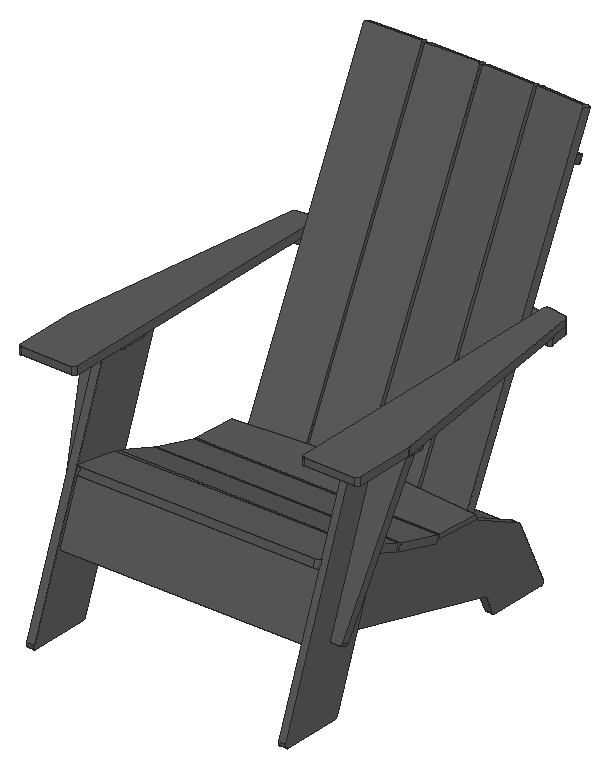
Revit family "Lollygagger Adirondack 4 Slat", category Furniture, Revit 2016 (continued)
Lines and regions (in)
  symbolic lines, style "Furniture", detail levels fine
    curve 10: line (-4.79074, 4.05641, 0) -> (-4.79074, 17.1805, 0)
    curve 11: line (-4.58775, 4.05605, 0) -> (-4.58775, 17.1805, 0)
    curve 12: line (-0.12678, 4.26892, 0) -> (-0.12678, 17.36775, 0)
    curve 13: line (0.12678, 4.26892, 0) -> (0.12678, 17.36685, 0)
    curve 14: line (4.58775, 4.05605, 0) -> (4.58775, 17.1805, 0)
    curve 15: line (4.79074, 4.05435, 0) -> (4.79074, 17.1805, 0)
    curve 16: line (0.32366, -0.4646, 0) -> (-0.32366, -0.4646, 0)
    curve 17: line (0.32366, -0.67857, 0) -> (-0.32366, -0.67857, 0)
    curve 18: line (0.32366, -4.77326, 0) -> (-0.32366, -4.77326, 0)
    curve 19: line (0.32366, -4.86034, 0) -> (-0.32366, -4.86034, 0)
    curve 20: line (0.32366, -8.88668, 0) -> (-0.32366, -8.88668, 0)
    curve 21: line (0.32366, -9.0007, 0) -> (-0.32366, -9.0007, 0)
    curve 22: line (-10.26116, -14.73754, 0) -> (-10.26116, -14.04886, 0)
    curve 23: line (10.26116, -14.73754, 0) -> (10.26116, -14.04886, 0)
  symbolic lines
    curve 24: line (9.27193, 0, 19.45312) -> (13.7073, 0, 19.45312)
    curve 25: line (-9.50334, 0, 19.45313) -> (-13.7073, 0, 19.45313)
    curve 26: line (10.23884, 0, 12.04562) -> (10.23884, 0, 0)
    curve 27: line (-10.26116, 0, 12.04562) -> (-10.26116, 0, 0)
  model lines
    curve 28: line (0, -12.81515, 6.06279) -> (0, -12.23166, 5.83881)
Dimensions and locks (in)
  "Length": plane 5 to plane 4
  "Width": plane 6 to plane 7
  equal spacing: plane 5, plane 3 "Center Left/Right", plane 4
  locked: plane 8 to plane 4 at 3.38616
  locked: plane 5 to plane 9 at 3.36384
  "Height Arm": plane 10 to level
  "Thick": plane 10 to plane 11
  "Thick": plane 9 to plane 12
  "Thick": plane 13 to plane 8
  locked: plane 14 to plane 7 at 3.32925
  "Thick": Extrusion 7 to plane 13
  "Thick": plane 11 to plane 15
  locked: Extrusion 17 sketch curve to plane 13 at 0.28275
  "Thick": plane 12 to Extrusion 6
  aligned and locked: level to plane 2
  aligned and locked: Extrusion 3 sketch curve to plane 12
  aligned and locked: plane 13 to Extrusion 3 sketch curve
  aligned and locked: Extrusion 4 sketch curve to plane 11  (x2)
  aligned and locked: level to Extrusion 4 sketch curve
  aligned and locked: Extrusion 5 to plane 8
  aligned and locked: plane 13 to Extrusion 5
  aligned and locked: Extrusion 7 to plane 13
  aligned and locked: plane 12 to Extrusion 8
  aligned and locked: plane 13 to Extrusion 8 sketch curve
  aligned and locked: plane 12 to Extrusion 9
  aligned and locked: plane 12 to Extrusion 10
  aligned and locked: plane 8 to Extrusion 12
  aligned and locked: Extrusion 13 sketch curve to plane 9
  aligned and locked: Extrusion 15 to Extrusion 6
  aligned and locked: Extrusion 32 to Extrusion 3
  aligned and locked: Extrusion 32 to Extrusion 14
  aligned and locked: Extrusion 33 to Extrusion 3
  aligned and locked: Extrusion 33 to Extrusion 6
  aligned and locked: Extrusion 34 to Extrusion 3
  aligned and locked: Extrusion 34 to Extrusion 7
  aligned and locked: Extrusion 35 to Extrusion 7
  aligned and locked: Extrusion 36 to Extrusion 6
  aligned and locked: Extrusion 36 to Extrusion 15
  aligned and locked: Extrusion 37 to Extrusion 15
  aligned and locked: Extrusion 37 sketch curve to Extrusion 14
  aligned and locked: Extrusion 38 to Extrusion 11
  aligned and locked: Extrusion 38 to Extrusion 6
  aligned and locked: Extrusion 39 to Extrusion 7  (x2)
  aligned and locked: Extrusion 39 to Extrusion 11
  aligned and locked: Extrusion 40 to Extrusion 10  (x2)
  aligned and locked: Extrusion 40 to Extrusion 7
  aligned and locked: Extrusion 41 to Extrusion 6
  aligned and locked: Extrusion 41 to Extrusion 10
  aligned and locked: Extrusion 43 to Extrusion 9
  aligned and locked: Extrusion 43 to Extrusion 6
  aligned and locked: Extrusion 44 to Extrusion 8
  aligned and locked: Extrusion 44 to Extrusion 6
  aligned and locked: Extrusion 45 to Extrusion 8
  aligned and locked: Extrusion 42 to Extrusion 9
  aligned and locked: Extrusion 45 to Extrusion 7
  aligned and locked: Masking region 3 sketch curve to Extrusion 3
  aligned and locked: Masking region 3 sketch curve to plane 12
  aligned and locked: Masking region 3 sketch curve to plane 7
  aligned and locked: Masking region 3 sketch curve to plane 9
  aligned and locked: Masking region 3 sketch curve to plane 14
  aligned and locked: Masking region 3 sketch curve to plane 5
  aligned and locked: curve 4 to plane 14
  aligned and locked: curve 1 to Extrusion 1
  aligned and locked: curve 5 to Extrusion 2
  aligned and locked: Masking region 3 to curve 10
  aligned and locked: plane 13 to Masking region 3
  aligned and locked: Masking region 3 to plane 8
  aligned and locked: Masking region 1 sketch curve to plane 10
  aligned and locked: Masking region 1 sketch curve to plane 5
  aligned and locked: Masking region 1 sketch curve to plane 11
  aligned and locked: Masking region 1 sketch curve to Extrusion 16
  aligned and locked: Masking region 1 sketch curve to plane 15
  aligned and locked: Masking region 1 sketch curve to Extrusion 13  (x2)
  aligned and locked: Masking region 1 sketch curve to plane 9
  aligned and locked: Masking region 1 sketch curve to plane 2
  aligned and locked: Masking region 1 sketch curve to Extrusion 6
  aligned and locked: Extrusion 15 to Masking region 1 sketch curve
  aligned and locked: Masking region 1 sketch curve to Extrusion 14
  aligned and locked: Masking region 1 to plane 8
  aligned and locked: Extrusion 17 to plane 15
  aligned and locked: plane 10 to Extrusion 2
  aligned and locked: Extrusion 16 to plane 15
  aligned and locked: plane 10 to Extrusion 1
  aligned and locked: Extrusion 31 to Masking region 1 sketch curve
  aligned and locked: Masking region 1 sketch curve to Extrusion 31  (x2)
  aligned and locked: plane 11 to Extrusion 31
  aligned and locked: Extrusion 20 to Masking region 1 sketch curve
  aligned and locked: Masking region 1 sketch curve to plane 13
  aligned and locked: curve 26 to Extrusion 7
  aligned and locked: Masking region 2 to plane 14
  aligned and locked: plane 10 to Masking region 2
  aligned and locked: Masking region 2 sketch curve to Extrusion 30  (x4)
  aligned and locked: plane 15 to Masking region 2 sketch curve
  aligned and locked: Masking region 2 sketch curve to Extrusion 23
  aligned and locked: Masking region 2 sketch curve to Extrusion 22
  aligned and locked: plane 2 to Masking region 2 sketch curve
  aligned and locked: Masking region 2 sketch curve to Extrusion 6
  aligned and locked: plane 2 to Masking region 4 sketch curve
  aligned and locked: plane 15 to curve 31
  aligned and locked: Masking region 4 sketch curve to Extrusion 31  (x3)
  aligned and locked: Extrusion 31 to Masking region 4 sketch curve
  aligned and locked: Extrusion 31 to plane 15
  aligned and locked: Extrusion 30 to Masking region 4 sketch curve
  aligned and locked: Masking region 4 sketch curve to Extrusion 27
  aligned and locked: Extrusion 26 to Masking region 2
  aligned and locked: plane 10 to Masking region 5 sketch curve
  aligned and locked: Masking region 5 sketch curve to Masking region 2
  aligned and locked: Extrusion 30 to Masking region 5 sketch curve
  aligned and locked: Extrusion 18 to Masking region 5 sketch curve
  aligned and locked: Extrusion 19 to Masking region 5 sketch curve
  aligned and locked: Extrusion 6 to Masking region 5 sketch curve  (x3)
  aligned and locked: Extrusion 8 to Masking region 5 sketch curve
  aligned and locked: Masking region 5 sketch curve to Extrusion 8
  aligned and locked: Masking region 5 sketch curve to Extrusion 6
  aligned and locked: Extrusion 4 to Masking region 5 sketch curve
  aligned and locked: Masking region 5 sketch curve to Extrusion 9  (x2)
  aligned and locked: Extrusion 9 to Masking region 5 sketch curve
  aligned and locked: plane 9 to Extrusion 4
  aligned and locked: Extrusion 4 to plane 12
  aligned and locked: plane 11 to Extrusion 17
  aligned and locked: plane 12 to Extrusion 6
  aligned and locked: Masking region 1 to Extrusion 36
  aligned and locked: plane 12 to curve 27
  aligned and locked: Extrusion 1 to plane 11
  aligned and locked: Extrusion 2 to plane 11
Automatic sketch dimensions
  Extrusion 4 sketch curve to Extrusion 4 sketch curve = 1/4"
  Extrusion 14 sketch curve to Extrusion 14 sketch curve = 0.96326"
  Extrusion 18 sketch curve to Extrusion 18 sketch curve = 1/8"  (x2)
  Extrusion 20 sketch curve to Extrusion 20 sketch curve = 1/8"  (x2)
  Extrusion 20 sketch curve to Extrusion 20 sketch curve = 4 3/16"
  Extrusion 20 sketch curve to Extrusion 20 sketch curve = 28 7/8"
  Extrusion 21 sketch curve to Extrusion 21 sketch curve = 1/16"
  Extrusion 21 sketch curve to Extrusion 21 sketch curve = 1/4"
  Extrusion 21 sketch curve to Extrusion 21 sketch curve = 28 9/16"
  Extrusion 21 sketch curve to Extrusion 21 sketch curve = 0"
  Extrusion 21 sketch curve to Extrusion 21 sketch curve = 1/8"
  Extrusion 21 sketch curve to Extrusion 21 sketch curve = 4 1/8"
  Extrusion 21 sketch curve to Extrusion 21 sketch curve = 4 3/16"
  Extrusion 22 sketch curve to Extrusion 22 sketch curve = 0.37401"
  Extrusion 22 sketch curve to Extrusion 22 sketch curve = 0.49944"
  Extrusion 23 sketch curve to Extrusion 23 sketch curve = 1/4"  (x2)
  Extrusion 23 sketch curve to Extrusion 23 sketch curve = 0.49834"
  Extrusion 24 sketch curve to Extrusion 24 sketch curve = 0.50099"
  Extrusion 24 sketch curve to Extrusion 24 sketch curve = 7/8"
  Extrusion 24 sketch curve to Extrusion 24 sketch curve = 0.37401"
  Extrusion 24 sketch curve to Extrusion 24 sketch curve = 1 3/8"  (x2)
  Extrusion 24 sketch curve to Extrusion 24 sketch curve = 1/4"
  Extrusion 24 sketch curve to Extrusion 24 sketch curve = 0.50056"
  Extrusion 24 sketch curve to Extrusion 24 sketch curve = 0.49944"
  Extrusion 25 sketch curve to Extrusion 25 sketch curve = 1/4"
  Extrusion 25 sketch curve to Extrusion 25 sketch curve = 7/8"  (x2)
  Extrusion 25 sketch curve to Extrusion 25 sketch curve = 0.49834"
  Extrusion 25 sketch curve to Extrusion 25 sketch curve = 0.50166"
  Extrusion 25 sketch curve to Extrusion 25 sketch curve = 5/8"
  Extrusion 25 sketch curve to Extrusion 25 sketch curve = 1 3/8"
  Extrusion 25 sketch curve to Extrusion 25 sketch curve = 0.3724"
  Extrusion 27 sketch curve to Extrusion 27 sketch curve = 0.01224"  (x2)
  Extrusion 27 sketch curve to Extrusion 27 sketch curve = 0.99086"
  Extrusion 27 sketch curve to Extrusion 27 sketch curve = 0.00891"
  Extrusion 27 sketch curve to Extrusion 27 sketch curve = 0.35331"
  Extrusion 27 sketch curve to Extrusion 27 sketch curve = 0.37507"
  Extrusion 28 sketch curve to Extrusion 28 sketch curve = 0.3019"
  Extrusion 28 sketch curve to Extrusion 28 sketch curve = 0.37302"
  Extrusion 28 sketch curve to Extrusion 28 sketch curve = 0.07112"
  Extrusion 28 sketch curve to Extrusion 28 sketch curve = 0.54611"  (x2)
  Extrusion 28 sketch curve to Extrusion 28 sketch curve = 0.03894"
  Extrusion 28 sketch curve to Extrusion 28 sketch curve = 0.02649"
  Extrusion 29 sketch curve to Extrusion 29 sketch curve = 0.01224"  (x2)
  Extrusion 29 sketch curve to Extrusion 29 sketch curve = 0.99086"
  Extrusion 29 sketch curve to Extrusion 29 sketch curve = 0.00891"
  Extrusion 29 sketch curve to Extrusion 29 sketch curve = 0.99976"
  Extrusion 29 sketch curve to Extrusion 29 sketch curve = 0.04352"
  Extrusion 29 sketch curve to Extrusion 29 sketch curve = 0.37507"
  level to Extrusion 35 sketch curve = 5.06694"
  Extrusion 35 sketch curve to Extrusion 35 sketch curve = 0.10082"
  Extrusion 35 sketch curve to Extrusion 35 sketch curve = 0.33755"
  Extrusion 35 sketch curve to Extrusion 35 sketch curve = 0.50557"  (x2)
  Extrusion 35 sketch curve to Extrusion 35 sketch curve = 0.43837"
  Extrusion 35 sketch curve to plane 1 "Center Front/Back" = 6.34701"
  Extrusion 35 sketch curve to Extrusion 35 sketch curve = 0.24658"
  Extrusion 35 sketch curve to Extrusion 35 sketch curve = 0.16312"
  level to Extrusion 36 sketch curve = 5.06694"
  Extrusion 36 sketch curve to Extrusion 36 sketch curve = 0.10082"
  Extrusion 36 sketch curve to Extrusion 36 sketch curve = 0.33755"
  Extrusion 36 sketch curve to Extrusion 36 sketch curve = 0.50557"  (x2)
  Extrusion 36 sketch curve to Extrusion 36 sketch curve = 0.43837"
  Extrusion 36 sketch curve to plane 1 "Center Front/Back" = 4.30284"
  Extrusion 36 sketch curve to Extrusion 36 sketch curve = 0.24658"
  Extrusion 36 sketch curve to Extrusion 36 sketch curve = 0.16312"
  plane 1 "Center Front/Back" to Extrusion 4 sketch curve = 4.66394"
  Extrusion 4 sketch curve to Extrusion 4 sketch curve = 0.08959"  (x2)
  Extrusion 4 sketch curve to Extrusion 4 sketch curve = 1.1376"
  Extrusion 4 sketch curve to Extrusion 4 sketch curve = 0.15661"
  Extrusion 4 sketch curve to Extrusion 4 sketch curve = 0.24273"  (x2)
  Extrusion 4 sketch curve to Extrusion 4 sketch curve = 0.04659"  (x2)
  Extrusion 4 sketch curve to Extrusion 4 sketch curve = 1.73179"
  Extrusion 4 sketch curve to Extrusion 4 sketch curve = 4 1/2"
  Extrusion 4 sketch curve to Extrusion 4 sketch curve = 1.48853"
  plane 9 to Extrusion 13 sketch curve = 0.76658"
  Extrusion 13 sketch curve to Extrusion 13 sketch curve = 0.24827"
  Extrusion 13 sketch curve to plane 5 = 0.75007"
  Extrusion 13 sketch curve to Extrusion 13 sketch curve = 0.26008"
  Extrusion 13 sketch curve to Extrusion 13 sketch curve = 13 1/2"
  Extrusion 13 sketch curve to Extrusion 13 sketch curve = 0.02934"
  level to Extrusion 14 sketch curve = 5.60461"
  Extrusion 14 sketch curve to plane 1 "Center Front/Back" = 6.71036"
  Extrusion 14 sketch curve to Extrusion 14 sketch curve = 0.08683"
  Extrusion 14 sketch curve to Extrusion 14 sketch curve = 0.03357"  (x2)
  Extrusion 14 sketch curve to Extrusion 14 sketch curve = 0.19822"
  Extrusion 14 sketch curve to Extrusion 14 sketch curve = 2.85319"
  Extrusion 14 sketch curve to Extrusion 14 sketch curve = 3.65859"
  Extrusion 14 sketch curve to Extrusion 14 sketch curve = 4.43897"
  Extrusion 14 sketch curve to Extrusion 14 sketch curve = 4.27119"
  Extrusion 14 sketch curve to Extrusion 14 sketch curve = 3.21802"
  Extrusion 14 sketch curve to Extrusion 14 sketch curve = 0.00242"
  Extrusion 14 sketch curve to Extrusion 14 sketch curve = 0.06916"
  Extrusion 14 sketch curve to Extrusion 14 sketch curve = 0.55902"
  Extrusion 14 sketch curve to Extrusion 14 sketch curve = 0.0459"
  Extrusion 14 sketch curve to Extrusion 14 sketch curve = 0.03788"
  Extrusion 14 sketch curve to Extrusion 14 sketch curve = 0.44233"
  Extrusion 14 sketch curve to Extrusion 14 sketch curve = 0.71091"
  Extrusion 14 sketch curve to Extrusion 14 sketch curve = 1/4"
  Extrusion 14 sketch curve to Extrusion 14 sketch curve = 0.00708"
  Extrusion 14 sketch curve to Extrusion 14 sketch curve = 1.2388"
  Extrusion 14 sketch curve to Extrusion 14 sketch curve = 0.41385"
  Extrusion 14 sketch curve to Extrusion 14 sketch curve = 1.6915"
  Extrusion 14 sketch curve to Extrusion 14 sketch curve = 0.00906"
  Extrusion 14 sketch curve to Extrusion 14 sketch curve = 0.03118"
  Extrusion 18 sketch curve to Extrusion 18 sketch curve = 4 3/16"
  Extrusion 18 sketch curve to Extrusion 18 sketch curve = 28 7/8"
  Extrusion 19 sketch curve to Extrusion 19 sketch curve = 1/16"  (x2)
  Extrusion 19 sketch curve to Extrusion 19 sketch curve = 1/4"
  Extrusion 19 sketch curve to Extrusion 19 sketch curve = 28 9/16"
  Extrusion 19 sketch curve to Extrusion 19 sketch curve = 0"
  Extrusion 19 sketch curve to Extrusion 19 sketch curve = 1/8"
  Extrusion 19 sketch curve to Extrusion 19 sketch curve = 4 3/16"
  Extrusion 22 sketch curve to Extrusion 22 sketch curve = 0.50099"
  Extrusion 22 sketch curve to Extrusion 22 sketch curve = 7/8"
  Extrusion 22 sketch curve to Extrusion 22 sketch curve = 1 3/8"  (x2)
  Extrusion 22 sketch curve to Extrusion 22 sketch curve = 1/4"
  Extrusion 22 sketch curve to Extrusion 22 sketch curve = 0.50056"
  Extrusion 23 sketch curve to Extrusion 23 sketch curve = 7/8"
  Extrusion 23 sketch curve to Extrusion 23 sketch curve = 0.50166"
  Extrusion 23 sketch curve to Extrusion 23 sketch curve = 5/8"
  Extrusion 23 sketch curve to Extrusion 23 sketch curve = 0.3724"
  Extrusion 23 sketch curve to Extrusion 23 sketch curve = 1 3/8"
  Extrusion 27 sketch curve to Extrusion 27 sketch curve = 0.99976"
  curve 4 to plane 9 = 0"
  curve 22 to plane 12 = 0"
  curve 8 to plane 14 = 0"
  curve 4 to curve 2 = 1/4"
  curve 3 to curve 3 = 1/4"
  curve 7 to curve 7 = 1/4"
  curve 6 to curve 8 = 1/4"
  curve 1 to plane 6 = 5.99717"
  curve 5 to plane 6 = 5.99717"
  curve 3 to curve 3 = 0.04056"
  curve 10 to plane 6 = 0.19138"
  curve 10 to curve 11 = 0.20299"
  curve 21 to plane 3 "Center Left/Right" = 0.32366"
  curve 16 to plane 3 "Center Left/Right" = 0.32366"
  curve 20 to curve 21 = 0"
  curve 17 to curve 16 = 0"
  curve 18 to plane 3 "Center Left/Right" = 0.32366"
  curve 19 to curve 18 = 0"
  curve 12 to plane 3 "Center Left/Right" = 0.12678"
  curve 9 to plane 3 "Center Left/Right" = 0.01116"
  plane 3 "Center Left/Right" to curve 13 = 0.12678"
  plane 3 "Center Left/Right" to curve 19 = 0.32366"
  plane 3 "Center Left/Right" to curve 20 = 0.32366"
  plane 3 "Center Left/Right" to curve 17 = 0.32366"
  curve 18 to curve 19 = 0"
  curve 21 to curve 20 = 0"
  curve 16 to curve 17 = 0"
  curve 13 to curve 14 = 4.46097"
  curve 14 to curve 15 = 0.20299"
  curve 7 to curve 7 = 0.04056"
  curve 23 to plane 13 = 0.02231"
  curve 8 to plane 8 = 0.02231"
  curve 9 to plane 4 = 37.80847"
  curve 23 to curve 23 = 0.68868"
  curve 22 to curve 22 = 0.68868"
  curve 9 to plane 7 = 30.32581"
  plane 14 to curve 21 = 5.04816"
  curve 21 to curve 20 = 0.11403"
  curve 20 to curve 19 = 4.02633"
  curve 19 to curve 18 = 0.08708"
  plane 1 "Center Front/Back" to curve 17 = 0.67857"
  curve 17 to curve 16 = 0.21397"
  curve 9 to plane 1 "Center Front/Back" = 3.40063"
  curve 15 to curve 14 = 0.0017"
  curve 11 to curve 10 = 0.00036"
  curve 13 to plane 1 "Center Front/Back" = 4.26892"
  curve 12 to curve 13 = 0"
  curve 15 to plane 6 = 0.19138"
  curve 11 to plane 6 = 0.19138"
  curve 14 to plane 6 = 0.19138"
  curve 13 to plane 6 = 0.00503"
  curve 12 to plane 6 = 0.00413"
  curve 25 to plane 11 = 0"
  curve 27 to level = 0"
  curve 24 to plane 11 = 0"
  curve 26 to level = 0"
  plane 13 to curve 24 = 0.96691"
  curve 25 to plane 12 = 97/128"
  curve 25 to plane 5 = 0.5427"
  plane 4 to curve 24 = 0.5427"
  curve 26 to plane 15 = 6.78251"
  curve 27 to plane 15 = 6.78251"
  plane 12 to Masking region 1 sketch curve = 0"
  Masking region 1 sketch curve to plane 11 = 0"  (x4)
  Masking region 1 sketch curve to plane 3 "Center Left/Right" = 0"
  Masking region 1 sketch curve to plane 10 = 0"
  Masking region 1 sketch curve to level = 0"
  plane 8 to Masking region 1 sketch curve = 0"
  Masking region 1 sketch curve to plane 15 = 0"
  plane 4 to Masking region 1 sketch curve = 0"
  Masking region 1 sketch curve to Masking region 1 sketch curve = 3/16"
  plane 9 to Masking region 1 sketch curve = 1.01486"
  Masking region 1 sketch curve to Masking region 1 sketch curve = 0.24827"  (x2)
  Masking region 1 sketch curve to plane 12 = 0.37462"
  Masking region 1 sketch curve to plane 12 = 97/128"
  Masking region 1 sketch curve to Masking region 1 sketch curve = 0.23141"
  plane 15 to Masking region 1 sketch curve = 0.00171"  (x4)
  Masking region 1 sketch curve to Masking region 1 sketch curve = 0"  (x15)
  Masking region 1 sketch curve to Masking region 1 sketch curve = 0.09842"  (x2)
  Masking region 1 sketch curve to Masking region 1 sketch curve = 0.1166"  (x2)
  Masking region 1 sketch curve to Masking region 1 sketch curve = 5/8"
  Masking region 1 sketch curve to Masking region 1 sketch curve = 4.14251"
  Masking region 1 sketch curve to Masking region 1 sketch curve = 0.12366"  (x2)
  Masking region 1 sketch curve to Masking region 1 sketch curve = 4.48119"
  Masking region 1 sketch curve to Masking region 1 sketch curve = 0.20299"  (x6)
  Masking region 1 sketch curve to Masking region 1 sketch curve = 0.23214"
  Masking region 1 sketch curve to Masking region 1 sketch curve = 0.12362"  (x2)
  Masking region 1 sketch curve to plane 3 "Center Left/Right" = 0.32366"
  Masking region 1 sketch curve to plane 3 "Center Left/Right" = 0.25166"
  Masking region 1 sketch curve to Masking region 1 sketch curve = 0.12678"
  Masking region 1 sketch curve to plane 3 "Center Left/Right" = 0.12678"  (x2)
  Masking region 1 sketch curve to plane 3 "Center Left/Right" = 0.01116"  (x2)
  plane 3 "Center Left/Right" to Masking region 1 sketch curve = 0.12678"  (x3)
  Masking region 1 sketch curve to Masking region 1 sketch curve = 0.12488"
  Masking region 1 sketch curve to Masking region 1 sketch curve = 9/16"
  Masking region 1 sketch curve to Masking region 1 sketch curve = 0.804"
  Masking region 1 sketch curve to Masking region 1 sketch curve = 4.18333"
  Masking region 1 sketch curve to Masking region 1 sketch curve = 0.02915"
  Masking region 1 sketch curve to Masking region 1 sketch curve = 4.46097"
  plane 13 to Masking region 1 sketch curve = 1 1/4"
  plane 13 to Masking region 1 sketch curve = 1.18194"
  Masking region 1 sketch curve to Masking region 1 sketch curve = 0.23154"
  plane 13 to Masking region 1 sketch curve = 5/8"
  plane 13 to Masking region 1 sketch curve = 0.37121"
  Masking region 1 sketch curve to plane 8 = 0.78889"
  plane 4 to Masking region 1 sketch curve = 0.75007"
  Masking region 1 sketch curve to Masking region 1 sketch curve = 0.20737"
  Masking region 1 sketch curve to Masking region 1 sketch curve = 0.83706"
  level to Masking region 1 sketch curve = 4.50531"
  Masking region 1 sketch curve to Masking region 1 sketch curve = 0.71139"
  Masking region 1 sketch curve to Masking region 1 sketch curve = 0.1777"  (x2)
  Masking region 1 sketch curve to Masking region 1 sketch curve = 1.3335"
  Masking region 1 sketch curve to Masking region 1 sketch curve = 0.206"
  Masking region 1 sketch curve to Masking region 1 sketch curve = 5.99458"
  Masking region 1 sketch curve to Masking region 1 sketch curve = 6.0008"
  Masking region 1 sketch curve to Masking region 1 sketch curve = 0.06136"
  Masking region 1 sketch curve to Masking region 1 sketch curve = 0.05514"
  Masking region 1 sketch curve to Masking region 1 sketch curve = 0.15258"
  plane 10 to Masking region 1 sketch curve = 7.92655"
  Masking region 1 sketch curve to Masking region 1 sketch curve = 0.00226"
  Masking region 1 sketch curve to Masking region 1 sketch curve = 0.0027"
  Masking region 1 sketch curve to Masking region 1 sketch curve = 0.08779"
  Masking region 1 sketch curve to Masking region 1 sketch curve = 0.09133"
  Masking region 1 sketch curve to Masking region 1 sketch curve = 0.00397"  (x3)
  Masking region 1 sketch curve to Masking region 1 sketch curve = 1.4456"
  Masking region 1 sketch curve to Masking region 1 sketch curve = 1.43892"
  Masking region 1 sketch curve to Masking region 1 sketch curve = 1.4429"
  Masking region 1 sketch curve to Masking region 1 sketch curve = 2.96345"  (x2)
  Masking region 1 sketch curve to Masking region 1 sketch curve = 3.22544"
  Masking region 1 sketch curve to Masking region 1 sketch curve = 0.26509"  (x2)
  Masking region 1 sketch curve to Masking region 1 sketch curve = 0.01225"  (x2)
  Masking region 1 sketch curve to Masking region 1 sketch curve = 0.11479"  (x2)
  Masking region 1 sketch curve to Masking region 1 sketch curve = 0.0299"  (x2)
  Masking region 1 sketch curve to Masking region 1 sketch curve = 0.09401"  (x2)
  Masking region 1 sketch curve to Masking region 1 sketch curve = 0.12036"  (x2)
  Masking region 1 sketch curve to Masking region 1 sketch curve = 0.29143"  (x2)
  Masking region 1 sketch curve to Masking region 1 sketch curve = 0.06739"  (x2)
  Masking region 1 sketch curve to Masking region 1 sketch curve = 1/4"  (x2)
  Masking region 1 sketch curve to Masking region 1 sketch curve = 0.2396"
  Masking region 1 sketch curve to Masking region 1 sketch curve = 0.00185"  (x2)
  Masking region 1 sketch curve to Masking region 1 sketch curve = 0.11845"  (x2)
  Masking region 1 sketch curve to Masking region 1 sketch curve = 0.00074"  (x2)
  Masking region 1 sketch curve to Masking region 1 sketch curve = 0.12436"  (x2)
  Masking region 1 sketch curve to plane 3 "Center Left/Right" = 0.13616"
  Masking region 1 sketch curve to plane 13 = 0.00379"
  Extrusion 1 sketch curve to plane 14 = 0"
  plane 14 to Extrusion 1 sketch curve = 1/4"  (x2)
  Extrusion 1 sketch curve to plane 5 = 0.00013"
  Extrusion 1 sketch curve to plane 5 = 0.25013"
  Extrusion 1 sketch curve to Extrusion 1 sketch curve = 5.10985"
  Extrusion 1 sketch curve to plane 5 = 0.00257"
  plane 9 to Extrusion 1 sketch curve = 0.32777"
  Extrusion 1 sketch curve to plane 6 = 6.23789"
  plane 9 to Extrusion 1 sketch curve = 0.57533"
  Extrusion 1 sketch curve to Extrusion 1 sketch curve = 0.03479"
  Extrusion 1 sketch curve to plane 12 = 0.7575"
  Extrusion 1 sketch curve to Extrusion 1 sketch curve = 0.24071"
  plane 9 to Extrusion 1 sketch curve = 0.36833"
  Extrusion 1 sketch curve to plane 12 = 0.46694"
  Extrusion 1 sketch curve to Extrusion 1 sketch curve = 0.24669"
  Extrusion 2 sketch curve to plane 4 = 0"
  Extrusion 2 sketch curve to plane 14 = 0"
  plane 14 to Extrusion 2 sketch curve = 1/4"  (x2)
  plane 4 to Extrusion 2 sketch curve = 1/4"
  Extrusion 2 sketch curve to Extrusion 2 sketch curve = 5.10985"
  plane 4 to Extrusion 2 sketch curve = 0.00243"
  Extrusion 2 sketch curve to plane 8 = 0.35021"
  Extrusion 2 sketch curve to plane 6 = 6.23789"
  Extrusion 2 sketch curve to plane 8 = 0.59778"
  Extrusion 2 sketch curve to Extrusion 2 sketch curve = 0.03479"
  plane 13 to Extrusion 2 sketch curve = 0.73506"
  Extrusion 2 sketch curve to Extrusion 2 sketch curve = 0.24071"
  Extrusion 2 sketch curve to plane 8 = 0.39077"
  plane 13 to Extrusion 2 sketch curve = 0.4445"
  Extrusion 2 sketch curve to Extrusion 2 sketch curve = 0.24669"
  Masking region 2 sketch curve to plane 11 = 0"
  Masking region 2 sketch curve to plane 10 = 0"
  Masking region 2 sketch curve to plane 14 = 0"
  Masking region 2 sketch curve to plane 6 = 5.74717"
  Masking region 2 sketch curve to Masking region 2 sketch curve = 0.37629"
  Masking region 2 sketch curve to plane 15 = 0.70559"
  Masking region 2 sketch curve to Masking region 2 sketch curve = 0.34329"
  Masking region 2 sketch curve to Masking region 2 sketch curve = 0.42615"
  Masking region 2 sketch curve to Masking region 2 sketch curve = 0.04964"
  level to Masking region 2 sketch curve = 0.35565"
  Masking region 2 sketch curve to Masking region 2 sketch curve = 2.71355"
  Masking region 2 sketch curve to plane 15 = 1.37061"
  Masking region 2 sketch curve to Masking region 2 sketch curve = 0.24934"
  level to Masking region 2 sketch curve = 1/4"
  Masking region 2 sketch curve to Masking region 2 sketch curve = 0.13299"
  Masking region 2 sketch curve to Masking region 2 sketch curve = 0.16224"
  Masking region 2 sketch curve to Masking region 2 sketch curve = 1.1384"
  Masking region 2 sketch curve to plane 15 = 0.43207"
  Masking region 2 sketch curve to Masking region 2 sketch curve = 0.20519"
  Masking region 2 sketch curve to plane 15 = 1.22052"
  Masking region 2 sketch curve to Masking region 2 sketch curve = 0.55571"
  level to Masking region 2 sketch curve = 5.68898"
  level to Masking region 2 sketch curve = 5.80802"
  Masking region 2 sketch curve to Masking region 2 sketch curve = 4.80404"
  level to Masking region 2 sketch curve = 0.14435"
  Masking region 2 sketch curve to Masking region 2 sketch curve = 29/128"  (x2)
  level to Masking region 2 sketch curve = 1.63479"
  Masking region 2 sketch curve to Masking region 2 sketch curve = 0.69501"
  level to Masking region 2 sketch curve = 1.76975"
  Masking region 2 sketch curve to Masking region 2 sketch curve = 0.15873"
  Masking region 2 sketch curve to plane 1 "Center Front/Back" = 3.49289"
  Masking region 2 sketch curve to Masking region 2 sketch curve = 0.09491"
  Masking region 2 sketch curve to Masking region 2 sketch curve = 0.01468"
  plane 1 "Center Front/Back" to Masking region 2 sketch curve = 0.62968"
  Masking region 2 sketch curve to Masking region 2 sketch curve = 4.23422"
  Masking region 2 sketch curve to Masking region 2 sketch curve = 3.20189"
  plane 14 to Masking region 2 sketch curve = 3.99601"
  plane 14 to Masking region 2 sketch curve = 1.18985"
  Masking region 2 sketch curve to Masking region 2 sketch curve = 0.22828"
  Masking region 2 sketch curve to Masking region 2 sketch curve = 0.25523"
  Masking region 2 sketch curve to Masking region 2 sketch curve = 0.13403"
  level to Masking region 2 sketch curve = 5.41453"
  Masking region 2 sketch curve to Masking region 2 sketch curve = 2.07791"
  Masking region 2 sketch curve to Masking region 2 sketch curve = 0.2247"
  Masking region 2 sketch curve to Masking region 2 sketch curve = 0.23691"
  Masking region 2 sketch curve to Masking region 2 sketch curve = 1.19388"
  Masking region 2 sketch curve to Masking region 2 sketch curve = 1.2494"
  Masking region 2 sketch curve to Masking region 2 sketch curve = 0.8707"
  Masking region 2 sketch curve to Masking region 2 sketch curve = 0.02331"
  Masking region 2 sketch curve to Masking region 2 sketch curve = 0.00315"
  Masking region 2 sketch curve to Masking region 2 sketch curve = 0.04343"
  plane 15 to Masking region 2 sketch curve = 0.08333"
  Masking region 2 sketch curve to Masking region 2 sketch curve = 0.44026"
  Masking region 2 sketch curve to plane 11 = 0.27063"
  Masking region 2 sketch curve to Masking region 2 sketch curve = 0.32034"
  Extrusion 3 sketch curve to Extrusion 3 sketch curve = 0.64806"
  Extrusion 3 sketch curve to plane 3 "Center Left/Right" = 0.01116"
  Extrusion 3 sketch curve to Extrusion 3 sketch curve = 0.62561"
  Extrusion 3 sketch curve to Extrusion 3 sketch curve = 5 1/2"
  Extrusion 3 sketch curve to Extrusion 3 sketch curve = 369.29785"
  Extrusion 5 sketch curve to plane 11 = 0"  (x3)
  Extrusion 5 sketch curve to level = 0"  (x2)
  plane 1 "Center Front/Back" to Extrusion 5 sketch curve = 4.66249"
  Extrusion 5 sketch curve to Extrusion 5 sketch curve = 0.16041"
  Extrusion 5 sketch curve to Extrusion 5 sketch curve = 1/4"
  Extrusion 5 sketch curve to Extrusion 5 sketch curve = 1.1376"
  Extrusion 5 sketch curve to Extrusion 5 sketch curve = 0.15797"
  Extrusion 5 sketch curve to Extrusion 5 sketch curve = 0.24273"  (x2)
  Extrusion 5 sketch curve to Extrusion 5 sketch curve = 0.04659"  (x2)
  Extrusion 5 sketch curve to Extrusion 5 sketch curve = 1.73179"
  Extrusion 5 sketch curve to Extrusion 5 sketch curve = 4 1/2"
  Extrusion 5 sketch curve to Extrusion 5 sketch curve = 0.08959"
  Extrusion 5 sketch curve to Extrusion 5 sketch curve = 1.48718"
  Extrusion 6 sketch curve to level = 0"
  level to Extrusion 6 sketch curve = 0.14435"
  level to Extrusion 6 sketch curve = 1/4"
  Extrusion 6 sketch curve to Extrusion 6 sketch curve = 1/4"
  Extrusion 6 sketch curve to Extrusion 6 sketch curve = 0.10565"  (x3)
  level to Extrusion 6 sketch curve = 1.52913"
  Extrusion 6 sketch curve to Extrusion 6 sketch curve = 0.13496"
  Extrusion 6 sketch curve to Extrusion 6 sketch curve = 3.94853"
  Extrusion 6 sketch curve to Extrusion 6 sketch curve = 0.11904"
  plane 14 to Extrusion 6 sketch curve = 0.24584"
  level to Extrusion 6 sketch curve = 6.37042"
  Extrusion 6 sketch curve to plane 14 = 0.01556"
  Extrusion 6 sketch curve to Extrusion 6 sketch curve = 0.10034"
  Extrusion 6 sketch curve to Extrusion 6 sketch curve = 2.07791"
  Extrusion 6 sketch curve to plane 1 "Center Front/Back" = 3.49289"
  Extrusion 6 sketch curve to Extrusion 6 sketch curve = 0.2247"
  Extrusion 6 sketch curve to plane 1 "Center Front/Back" = 3.39798"
  Extrusion 6 sketch curve to Extrusion 6 sketch curve = 0.02487"
  plane 1 "Center Front/Back" to Extrusion 6 sketch curve = 0.62968"
  Extrusion 6 sketch curve to Extrusion 6 sketch curve = 0.23691"
  Extrusion 6 sketch curve to Extrusion 6 sketch curve = 1.19388"
  Extrusion 6 sketch curve to Extrusion 6 sketch curve = 1.58817"
  plane 14 to Extrusion 6 sketch curve = 1.77628"
  plane 14 to Extrusion 6 sketch curve = 2.09927"
  Extrusion 6 sketch curve to Extrusion 6 sketch curve = 0.1438"
  Extrusion 6 sketch curve to Extrusion 6 sketch curve = 0.08959"
  plane 14 to Extrusion 6 sketch curve = 2.16105"
  Extrusion 6 sketch curve to Extrusion 6 sketch curve = 0.16095"
  Extrusion 6 sketch curve to plane 1 "Center Front/Back" = 4.17843"
  Extrusion 6 sketch curve to Extrusion 6 sketch curve = 0.06784"
  Extrusion 6 sketch curve to Extrusion 6 sketch curve = 0.69501"
  Extrusion 6 sketch curve to Extrusion 6 sketch curve = 4.26036"
  Extrusion 6 sketch curve to Extrusion 6 sketch curve = 0.10959"
  Extrusion 6 sketch curve to Extrusion 6 sketch curve = 4.80404"
  Extrusion 6 sketch curve to Extrusion 6 sketch curve = 4.23422"
  Extrusion 6 sketch curve to Extrusion 6 sketch curve = 2.95383"
  Extrusion 7 sketch curve to level = 0"
  level to Extrusion 7 sketch curve = 0.14435"
  level to Extrusion 7 sketch curve = 1/4"  (x2)
  Extrusion 7 sketch curve to Extrusion 7 sketch curve = 0.10565"  (x3)
  level to Extrusion 7 sketch curve = 1.52913"
  Extrusion 7 sketch curve to Extrusion 7 sketch curve = 0.13496"
  Extrusion 7 sketch curve to Extrusion 7 sketch curve = 3.94853"
  Extrusion 7 sketch curve to Extrusion 7 sketch curve = 0.11904"
  plane 14 to Extrusion 7 sketch curve = 0.24584"
  level to Extrusion 7 sketch curve = 6.37042"
  Extrusion 7 sketch curve to plane 14 = 0.01556"
  Extrusion 7 sketch curve to Extrusion 7 sketch curve = 0.10034"
  Extrusion 7 sketch curve to Extrusion 7 sketch curve = 2.07791"
  Extrusion 7 sketch curve to plane 1 "Center Front/Back" = 3.49289"
  Extrusion 7 sketch curve to Extrusion 7 sketch curve = 0.2247"
  Extrusion 7 sketch curve to plane 1 "Center Front/Back" = 3.39798"
  Extrusion 7 sketch curve to Extrusion 7 sketch curve = 0.02487"
  plane 1 "Center Front/Back" to Extrusion 7 sketch curve = 0.62968"
  Extrusion 7 sketch curve to Extrusion 7 sketch curve = 0.23691"
  Extrusion 7 sketch curve to Extrusion 7 sketch curve = 1.19388"
  Extrusion 7 sketch curve to Extrusion 7 sketch curve = 1.58817"
  plane 14 to Extrusion 7 sketch curve = 1.77628"
  plane 14 to Extrusion 7 sketch curve = 2.09927"
  Extrusion 7 sketch curve to Extrusion 7 sketch curve = 0.1438"
  Extrusion 7 sketch curve to Extrusion 7 sketch curve = 0.08959"
  plane 14 to Extrusion 7 sketch curve = 2.16105"
  Extrusion 7 sketch curve to Extrusion 7 sketch curve = 0.16095"
  Extrusion 7 sketch curve to plane 1 "Center Front/Back" = 4.17843"
  Extrusion 7 sketch curve to Extrusion 7 sketch curve = 0.06784"
  Extrusion 7 sketch curve to Extrusion 7 sketch curve = 0.69501"
  Extrusion 7 sketch curve to Extrusion 7 sketch curve = 4.26036"
  Extrusion 7 sketch curve to Extrusion 7 sketch curve = 0.10959"
  Extrusion 7 sketch curve to Extrusion 7 sketch curve = 4.80404"
  Extrusion 7 sketch curve to Extrusion 7 sketch curve = 4.23422"
  Extrusion 7 sketch curve to Extrusion 7 sketch curve = 2.95383"
  Extrusion 8 sketch curve to plane 12 = 0"
  Extrusion 8 sketch curve to plane 3 "Center Left/Right" = 0.01116"
  Extrusion 8 sketch curve to Extrusion 8 sketch curve = 47.32097"
  Extrusion 8 sketch curve to Extrusion 8 sketch curve = 3.72982"
  Extrusion 9 sketch curve to plane 12 = 0"
  Extrusion 9 sketch curve to plane 13 = 0.00379"
  Extrusion 9 sketch curve to Extrusion 9 sketch curve = 4 5/64"
  Extrusion 10 sketch curve to plane 12 = 0"
  Extrusion 10 sketch curve to plane 13 = 0.00379"
  Extrusion 10 sketch curve to Extrusion 10 sketch curve = 4 5/64"
  Extrusion 11 sketch curve to plane 12 = 0.00743"
  Extrusion 11 sketch curve to plane 12 = 0.38243"
  plane 13 to Extrusion 11 sketch curve = 0.37121"
  Extrusion 11 sketch curve to plane 13 = 0.00379"
  Extrusion 11 sketch curve to Extrusion 11 sketch curve = 3.80027"
  Extrusion 12 sketch curve to plane 8 = 0"
  Extrusion 12 sketch curve to plane 8 = 0.78903"
  Extrusion 12 sketch curve to Extrusion 12 sketch curve = 0.24827"
  plane 4 to Extrusion 12 sketch curve = 0.74993"
  Extrusion 12 sketch curve to Extrusion 12 sketch curve = 0.26008"
  Extrusion 12 sketch curve to Extrusion 12 sketch curve = 13 1/2"
  Extrusion 12 sketch curve to Extrusion 12 sketch curve = 0.02934"
  Extrusion 15 sketch curve to plane 12 = 5/8"
  Extrusion 15 sketch curve to Extrusion 15 sketch curve = 0.35526"
  Extrusion 15 sketch curve to Extrusion 15 sketch curve = 0.04935"
  Extrusion 15 sketch curve to Extrusion 15 sketch curve = 4.39879"
  Extrusion 15 sketch curve to Extrusion 15 sketch curve = 0.01992"  (x2)
  Extrusion 15 sketch curve to Extrusion 15 sketch curve = 0.29435"
  Extrusion 15 sketch curve to Extrusion 15 sketch curve = 0.0058"  (x2)
  Extrusion 15 sketch curve to plane 3 "Center Left/Right" = 0.15467"
  Extrusion 15 sketch curve to Extrusion 15 sketch curve = 0.00602"
  plane 3 "Center Left/Right" to Extrusion 15 sketch curve = 0.13236"
  Extrusion 15 sketch curve to Extrusion 15 sketch curve = 4.42728"
  Extrusion 15 sketch curve to Extrusion 15 sketch curve = 0.28023"
  plane 13 to Extrusion 15 sketch curve = 1.02376"
  Extrusion 15 sketch curve to Extrusion 15 sketch curve = 0.04954"
  plane 13 to Extrusion 15 sketch curve = 0.62121"
  Extrusion 15 sketch curve to Extrusion 15 sketch curve = 0"
  Extrusion 15 sketch curve to Extrusion 15 sketch curve = 0.33395"
  Extrusion 15 sketch curve to Extrusion 15 sketch curve = 0.33527"
  Extrusion 15 sketch curve to Extrusion 15 sketch curve = 0.01929"  (x2)
  Extrusion 15 sketch curve to Extrusion 15 sketch curve = 0.12994"  (x2)
  Extrusion 15 sketch curve to Extrusion 15 sketch curve = 3.66473"
  Extrusion 1 to Extrusion 16 sketch curve = 0.56243"
  Extrusion 16 sketch curve to Extrusion 16 sketch curve = 7/8"  (x2)
  Extrusion 16 sketch curve to Extrusion 16 sketch curve = 0.60996"
  Extrusion 1 to Extrusion 16 sketch curve = 0.68757"
  Extrusion 1 to Extrusion 16 sketch curve = 0.68716"
  Extrusion 16 sketch curve to Extrusion 16 sketch curve = 1/4"
  Extrusion 1 to Extrusion 16 sketch curve = 5.56114"
  Extrusion 16 sketch curve to Extrusion 16 sketch curve = 3/4"
  Extrusion 16 sketch curve to Extrusion 16 sketch curve = 0.24691"
  Extrusion 17 sketch curve to Extrusion 17 sketch curve = 0.24959"
  Extrusion 17 sketch curve to Extrusion 17 sketch curve = 1/4"
  Extrusion 17 sketch curve to Extrusion 17 sketch curve = 2.01545"
  Extrusion 17 sketch curve to Extrusion 17 sketch curve = 0.60996"
  Extrusion 17 sketch curve to Extrusion 17 sketch curve = 0"
  Extrusion 17 sketch curve to Extrusion 17 sketch curve = 7/8"
  Extrusion 1 to Extrusion 17 sketch curve = 5.56114"
  Extrusion 17 sketch curve to Extrusion 17 sketch curve = 3/4"
  Extrusion 17 sketch curve to Extrusion 17 sketch curve = 0.24691"
  Extrusion 26 sketch curve to Extrusion 26 sketch curve = 0.3019"
  Extrusion 26 sketch curve to Extrusion 26 sketch curve = 0.37302"
  Extrusion 26 sketch curve to Extrusion 26 sketch curve = 0.07112"
  Extrusion 26 sketch curve to Extrusion 26 sketch curve = 0.56108"  (x2)
  Extrusion 26 sketch curve to Extrusion 26 sketch curve = 0.04"
  Extrusion 26 sketch curve to Extrusion 26 sketch curve = 0.02649"
  Extrusion 30 sketch curve to plane 12 = 1.42935"
  plane 13 to Extrusion 30 sketch curve = 1.40751"
  Extrusion 30 sketch curve to Extrusion 30 sketch curve = 0.00339"
  plane 3 "Center Left/Right" to Extrusion 30 sketch curve = 4.85459"
  Extrusion 30 sketch curve to Extrusion 30 sketch curve = 0.39517"
  Extrusion 30 sketch curve to plane 3 "Center Left/Right" = 4.85473"
  Extrusion 30 sketch curve to Extrusion 30 sketch curve = 0.39955"
  plane 3 "Center Left/Right" to Extrusion 30 sketch curve = 4.57934"
  Extrusion 30 sketch curve to Extrusion 30 sketch curve = 0.01229"
  Extrusion 30 sketch curve to plane 3 "Center Left/Right" = 4.57938"
  Extrusion 30 sketch curve to Extrusion 30 sketch curve = 0.0123"
  Extrusion 30 sketch curve to plane 3 "Center Left/Right" = 4.8821"
  plane 3 "Center Left/Right" to Extrusion 30 sketch curve = 4.882"
  plane 3 "Center Left/Right" to Extrusion 30 sketch curve = 4.58775"
  Extrusion 30 sketch curve to plane 3 "Center Left/Right" = 4.58775"
  Extrusion 30 sketch curve to plane 3 "Center Left/Right" = 0.1463"
  Extrusion 30 sketch curve to Extrusion 30 sketch curve = 0.19802"
  plane 3 "Center Left/Right" to Extrusion 30 sketch curve = 0.12453"
  Extrusion 30 sketch curve to Extrusion 30 sketch curve = 1.66024"
  Extrusion 30 sketch curve to Extrusion 30 sketch curve = 1.65686"
  plane 13 to Extrusion 30 sketch curve = 1.70731"
  Extrusion 30 sketch curve to Extrusion 30 sketch curve = 0.04341"  (x2)
  Extrusion 30 sketch curve to plane 12 = 1.72975"
  Extrusion 30 sketch curve to plane 12 = 1.93941"
  Extrusion 30 sketch curve to Extrusion 30 sketch curve = 0.24731"  (x2)
  plane 13 to Extrusion 30 sketch curve = 1.91696"
  plane 3 "Center Left/Right" to Extrusion 30 sketch curve = 5.02092"
  Extrusion 30 sketch curve to Extrusion 30 sketch curve = 1.80836"
  Extrusion 30 sketch curve to plane 3 "Center Left/Right" = 5.04333"
  Extrusion 30 sketch curve to Extrusion 30 sketch curve = 1.80862"
  Extrusion 30 sketch curve to plane 3 "Center Left/Right" = 0.01116"
  Extrusion 30 sketch curve to Extrusion 30 sketch curve = 1.81972"
  Extrusion 31 sketch curve to plane 3 "Center Left/Right" = 0.01116"  (x2)
  Extrusion 31 sketch curve to plane 6 = 4.72307"
  Extrusion 31 sketch curve to plane 6 = 4.97532"  (x2)
  Extrusion 31 sketch curve to plane 3 "Center Left/Right" = 1.05168"
  Extrusion 31 sketch curve to Extrusion 31 sketch curve = 1.08555"  (x2)
  plane 3 "Center Left/Right" to Extrusion 31 sketch curve = 1.02936"
  Extrusion 31 sketch curve to Extrusion 31 sketch curve = 0.97129"  (x2)
  plane 9 to Extrusion 31 sketch curve = 0.36833"
  Extrusion 31 sketch curve to plane 6 = 5.9912"  (x2)
  Extrusion 31 sketch curve to plane 8 = 0.39077"
  Extrusion 31 sketch curve to Extrusion 31 sketch curve = 1.18509"  (x2)
  Extrusion 31 sketch curve to plane 8 = 0.59778"
  Extrusion 31 sketch curve to Extrusion 31 sketch curve = 0.21189"  (x2)
  plane 9 to Extrusion 31 sketch curve = 0.57533"
  Extrusion 31 sketch curve to Extrusion 31 sketch curve = 0.03479"  (x3)
  Extrusion 31 sketch curve to Extrusion 31 sketch curve = 0.24669"
  Extrusion 31 sketch curve to plane 12 = 1.59513"
  Extrusion 31 sketch curve to Extrusion 31 sketch curve = 0.37354"  (x2)
  plane 13 to Extrusion 31 sketch curve = 1.57268"
  Extrusion 31 sketch curve to Extrusion 31 sketch curve = 0.86202"
  Extrusion 31 sketch curve to Extrusion 31 sketch curve = 0.91148"  (x2)
  plane 3 "Center Left/Right" to Extrusion 31 sketch curve = 3.76064"
  Extrusion 31 sketch curve to plane 3 "Center Left/Right" = 3.78295"
  plane 3 "Center Left/Right" to Extrusion 31 sketch curve = 4.85787"
  Extrusion 31 sketch curve to plane 3 "Center Left/Right" = 4.88019"
  Extrusion 31 sketch curve to plane 12 = 4.48636"
  plane 13 to Extrusion 31 sketch curve = 4.46391"
  plane 13 to Extrusion 31 sketch curve = 1.72074"
  Extrusion 31 sketch curve to plane 12 = 1.74319"
  Extrusion 31 sketch curve to plane 8 = 0.81668"
  Extrusion 31 sketch curve to Extrusion 31 sketch curve = 1.55754"  (x2)
  plane 9 to Extrusion 31 sketch curve = 0.79423"
  plane 13 to Extrusion 31 sketch curve = 0.1251"
  Extrusion 31 sketch curve to plane 12 = 0.14755"
  plane 13 to Extrusion 31 sketch curve = 0.16968"
  Extrusion 31 sketch curve to Extrusion 31 sketch curve = 0.25007"
  Extrusion 31 sketch curve to Extrusion 31 sketch curve = 0.84338"  (x2)
  plane 3 "Center Left/Right" to Extrusion 32 sketch curve = 0.30134"
  Extrusion 32 sketch curve to Extrusion 32 sketch curve = 9/16"
  Extrusion 32 sketch curve to Extrusion 32 sketch curve = 0.37271"
  Extrusion 32 sketch curve to Extrusion 32 sketch curve = 0.99578"
  Extrusion 32 sketch curve to Extrusion 32 sketch curve = 0.00422"
  Extrusion 33 sketch curve to plane 12 = 5/8"
  Extrusion 33 sketch curve to Extrusion 33 sketch curve = 9/16"
  Extrusion 33 sketch curve to Extrusion 33 sketch curve = 0.37271"
  Extrusion 33 sketch curve to Extrusion 33 sketch curve = 0.99578"
  Extrusion 33 sketch curve to Extrusion 33 sketch curve = 0.00422"
  plane 13 to Extrusion 34 sketch curve = 5/8"
  Extrusion 34 sketch curve to Extrusion 34 sketch curve = 0.54504"
  Extrusion 34 sketch curve to Extrusion 34 sketch curve = 0.37271"
  Extrusion 34 sketch curve to Extrusion 34 sketch curve = 0.99578"
  Extrusion 34 sketch curve to Extrusion 34 sketch curve = 0.00422"
  Extrusion 37 sketch curve to Extrusion 37 sketch curve = 9/16"
  Extrusion 37 sketch curve to Extrusion 37 sketch curve = 0.37507"
  Extrusion 37 sketch curve to Extrusion 37 sketch curve = 1"
  Extrusion 37 sketch curve to Extrusion 37 sketch curve = 0.00029"
  Extrusion 38 sketch curve to plane 12 = 5/8"
  Extrusion 38 sketch curve to Extrusion 38 sketch curve = 9/16"
  Extrusion 38 sketch curve to Extrusion 38 sketch curve = 0.38002"
  Extrusion 38 sketch curve to Extrusion 38 sketch curve = 0.99972"
  Extrusion 38 sketch curve to Extrusion 38 sketch curve = 0.00028"
  plane 13 to Extrusion 39 sketch curve = 5/8"
  Extrusion 39 sketch curve to Extrusion 39 sketch curve = 0.52139"
  Extrusion 39 sketch curve to Extrusion 39 sketch curve = 0.38002"
  Extrusion 39 sketch curve to Extrusion 39 sketch curve = 1"
  Extrusion 39 sketch curve to Extrusion 39 sketch curve = 0.00028"
  plane 13 to Extrusion 40 sketch curve = 5/8"
  Extrusion 40 sketch curve to Extrusion 40 sketch curve = 0.99924"
  Extrusion 40 sketch curve to Extrusion 40 sketch curve = 0.00076"
  Extrusion 40 sketch curve to Extrusion 40 sketch curve = 0.5437"
  Extrusion 40 sketch curve to Extrusion 40 sketch curve = 0.37478"
  Extrusion 41 sketch curve to plane 12 = 5/8"
  Extrusion 41 sketch curve to Extrusion 41 sketch curve = 0.99924"
  Extrusion 41 sketch curve to Extrusion 41 sketch curve = 0.00076"
  Extrusion 41 sketch curve to Extrusion 41 sketch curve = 0.58481"
  Extrusion 41 sketch curve to Extrusion 41 sketch curve = 0.37478"
  plane 13 to Extrusion 42 sketch curve = 1.17249"
  Extrusion 42 sketch curve to Extrusion 42 sketch curve = 0.99994"
  Extrusion 42 sketch curve to Extrusion 42 sketch curve = 0.00006"
  Extrusion 42 sketch curve to Extrusion 42 sketch curve = 0.37466"
  Extrusion 42 sketch curve to Extrusion 42 sketch curve = 0.5437"
  Extrusion 43 sketch curve to plane 12 = 1.20602"
  Extrusion 43 sketch curve to Extrusion 43 sketch curve = 0.99994"
  Extrusion 43 sketch curve to Extrusion 43 sketch curve = 0.00006"
  Extrusion 43 sketch curve to Extrusion 43 sketch curve = 0.58102"
  Extrusion 43 sketch curve to Extrusion 43 sketch curve = 0.37466"
  Extrusion 44 sketch curve to plane 12 = 5/8"
  Extrusion 44 sketch curve to Extrusion 44 sketch curve = 1"
  Extrusion 44 sketch curve to Extrusion 44 sketch curve = 0.00028"
  Extrusion 44 sketch curve to Extrusion 44 sketch curve = 9/16"
  Extrusion 44 sketch curve to Extrusion 44 sketch curve = 0.3735"
  plane 13 to Extrusion 45 sketch curve = 5/8"
  Extrusion 45 sketch curve to Extrusion 45 sketch curve = 1"
  Extrusion 45 sketch curve to Extrusion 45 sketch curve = 0.00028"
  Extrusion 45 sketch curve to Extrusion 45 sketch curve = 0.52139"
  Extrusion 45 sketch curve to Extrusion 45 sketch curve = 0.3735"
  Masking region 3 sketch curve to plane 3 "Center Left/Right" = 0"
  Masking region 3 sketch curve to plane 13 = 0"
  Masking region 3 sketch curve to plane 7 = 0"
  Masking region 3 sketch curve to plane 8 = 0"
  Masking region 3 sketch curve to plane 14 = 0"
  Masking region 3 sketch curve to Masking region 3 sketch curve = 1/4"
  plane 9 to Masking region 3 sketch curve = 0.57533"
  Masking region 3 sketch curve to Masking region 3 sketch curve = 0.20701"
  Masking region 3 sketch curve to Masking region 3 sketch curve = 0.24757"  (x2)
  Masking region 3 sketch curve to plane 12 = 0.7575"  (x4)
  Masking region 3 sketch curve to Masking region 3 sketch curve = 0.23172"  (x2)
  Masking region 3 sketch curve to plane 12 = 0.98922"
  Masking region 3 sketch curve to Masking region 3 sketch curve = 0.12366"  (x2)
  Masking region 3 sketch curve to plane 6 = 0.77536"  (x2)
  Masking region 3 sketch curve to Masking region 3 sketch curve = 0.63159"  (x2)
  Masking region 3 sketch curve to plane 6 = 0.63795"  (x2)
  Masking region 3 sketch curve to Masking region 3 sketch curve = 0.19486"  (x2)
  Masking region 3 sketch curve to plane 6 = 0.20152"  (x2)
  Masking region 3 sketch curve to Masking region 3 sketch curve = 3.27849"
  Masking region 3 sketch curve to Masking region 3 sketch curve = 0.25259"  (x2)
  Masking region 3 sketch curve to Masking region 3 sketch curve = 0"  (x8)
  Masking region 3 sketch curve to Masking region 3 sketch curve = 0.20299"  (x4)
  Masking region 3 sketch curve to plane 3 "Center Left/Right" = 0.32366"  (x3)
  Masking region 3 sketch curve to plane 3 "Center Left/Right" = 0.12678"  (x2)
  Masking region 3 sketch curve to plane 3 "Center Left/Right" = 0.01116"  (x2)
  plane 3 "Center Left/Right" to Masking region 3 sketch curve = 0.12678"  (x2)
  plane 3 "Center Left/Right" to Masking region 3 sketch curve = 0.32366"  (x3)
  Masking region 3 sketch curve to plane 6 = 2.25659"
  Masking region 3 sketch curve to Masking region 3 sketch curve = 4.46097"
  Masking region 3 sketch curve to plane 6 = 2.26474"
  plane 13 to Masking region 3 sketch curve = 1.91702"
  plane 13 to Masking region 3 sketch curve = 0.96691"
  plane 13 to Masking region 3 sketch curve = 0.73519"  (x3)
  Masking region 3 sketch curve to plane 8 = 0.35008"
  Masking region 3 sketch curve to Masking region 3 sketch curve = 0.04056"
  plane 4 to Masking region 3 sketch curve = 0.25013"
  plane 4 to Masking region 3 sketch curve = 0.00013"
  plane 14 to Masking region 3 sketch curve = 5.04816"  (x2)
  Masking region 3 sketch curve to Masking region 3 sketch curve = 0.11403"  (x2)
  Masking region 3 sketch curve to Masking region 3 sketch curve = 0.21514"  (x2)
  Masking region 3 sketch curve to Masking region 3 sketch curve = 4.02633"  (x2)
  Masking region 3 sketch curve to Masking region 3 sketch curve = 0.08708"  (x2)
  plane 1 "Center Front/Back" to Masking region 3 sketch curve = 0.67857"
  Masking region 3 sketch curve to Masking region 3 sketch curve = 0.21397"  (x2)
  Masking region 3 sketch curve to plane 1 "Center Front/Back" = 7.35052"  (x2)
  Masking region 3 sketch curve to Masking region 3 sketch curve = 2.34731"  (x2)
  Masking region 3 sketch curve to Masking region 3 sketch curve = 0.0381"
  Masking region 3 sketch curve to Masking region 3 sketch curve = 3.1132"  (x2)
  Masking region 3 sketch curve to Masking region 3 sketch curve = 0.01009"  (x2)
  Masking region 3 sketch curve to Masking region 3 sketch curve = 3.34388"
  Masking region 3 sketch curve to Masking region 3 sketch curve = 0.00111"
  Masking region 3 sketch curve to Masking region 3 sketch curve = 0.00575"  (x2)
  Masking region 3 sketch curve to Masking region 3 sketch curve = 1.43617"  (x2)
  Masking region 3 sketch curve to Masking region 3 sketch curve = 0.03479"  (x2)
  Masking region 3 sketch curve to Masking region 3 sketch curve = 1.97157"  (x2)
  Masking region 3 sketch curve to Masking region 3 sketch curve = 1.94721"
  Masking region 3 sketch curve to Masking region 3 sketch curve = 1.93712"
  Masking region 3 sketch curve to Masking region 3 sketch curve = 1.94073"
  Masking region 3 sketch curve to Masking region 3 sketch curve = 0.00108"
  Masking region 3 sketch curve to Masking region 3 sketch curve = 2.06322"
  Masking region 3 sketch curve to Masking region 3 sketch curve = 0.00815"
  Masking region 3 sketch curve to plane 6 = 2.0775"
  Masking region 3 sketch curve to Masking region 3 sketch curve = 0.01018"
  Masking region 3 sketch curve to Masking region 3 sketch curve = 0.15511"  (x2)
  Masking region 3 sketch curve to Masking region 3 sketch curve = 0.07122"  (x2)
  plane 6 to Masking region 3 sketch curve = 0.00096"
  Masking region 3 sketch curve to Masking region 3 sketch curve = 0.00031"  (x2)
  Masking region 3 sketch curve to Masking region 3 sketch curve = 0.01852"  (x2)
  Masking region 3 sketch curve to Masking region 3 sketch curve = 0.03663"  (x2)
  Masking region 4 sketch curve to plane 11 = 0"
  plane 1 "Center Front/Back" to Masking region 4 sketch curve = 4.66394"
  plane 14 to Masking region 4 sketch curve = 4.0292"
  level to Masking region 4 sketch curve = 0.16041"
  plane 14 to Masking region 4 sketch curve = 1.97914"
  Masking region 4 sketch curve to Masking region 4 sketch curve = 0.2334"
  plane 7 to Masking region 4 sketch curve = 0.25485"
  plane 7 to Masking region 4 sketch curve = 0.02145"
  Masking region 4 sketch curve to Masking region 4 sketch curve = 1.64686"
  Masking region 4 sketch curve to Masking region 4 sketch curve = 0.30698"
  Masking region 4 sketch curve to Masking region 4 sketch curve = 0.24658"  (x2)
  Masking region 4 sketch curve to Masking region 4 sketch curve = 0.9218"
  Masking region 4 sketch curve to Masking region 4 sketch curve = 1/4"
  Masking region 4 sketch curve to Masking region 4 sketch curve = 0.87923"
  Masking region 4 sketch curve to Masking region 4 sketch curve = 0.96288"
  Masking region 5 sketch curve to plane 11 = 0"
  Masking region 5 sketch curve to Masking region 5 sketch curve = 0.4443"
  Masking region 5 sketch curve to Masking region 5 sketch curve = 0.01468"
  Masking region 5 sketch curve to Masking region 5 sketch curve = 0.09491"
  Masking region 5 sketch curve to Masking region 5 sketch curve = 0.07086"
  Masking region 5 sketch curve to plane 15 = 1.22052"
  Masking region 5 sketch curve to Masking region 5 sketch curve = 0.00246"
  Masking region 5 sketch curve to Masking region 5 sketch curve = 0.23397"
  Masking region 5 sketch curve to plane 15 = 0.43207"
  Masking region 5 sketch curve to Masking region 5 sketch curve = 0.23493"
  Masking region 5 sketch curve to plane 15 = 0.00135"
  Masking region 5 sketch curve to Masking region 5 sketch curve = 0.43948"
  Masking region 5 sketch curve to Masking region 5 sketch curve = 1.64599"
  Masking region 5 sketch curve to Masking region 5 sketch curve = 0.69209"
  Masking region 5 sketch curve to Masking region 5 sketch curve = 0.30698"
  Masking region 5 sketch curve to Masking region 5 sketch curve = 0.11113"
  Masking region 5 sketch curve to Masking region 5 sketch curve = 0.4496"
  Masking region 5 sketch curve to Masking region 5 sketch curve = 0.13545"
  Masking region 5 sketch curve to Masking region 5 sketch curve = 0.71644"
  Masking region 5 sketch curve to plane 6 = 1.48618"
  Masking region 5 sketch curve to Masking region 5 sketch curve = 0.07122"
  Masking region 5 sketch curve to plane 6 = 0.1565"
  Masking region 5 sketch curve to plane 6 = 0.10672"
  Masking region 5 sketch curve to Masking region 5 sketch curve = 1.18216"
  Masking region 5 sketch curve to Masking region 5 sketch curve = 0.11479"
  Masking region 5 sketch curve to Masking region 5 sketch curve = 0.64608"
  Masking region 5 sketch curve to Masking region 5 sketch curve = 0.10434"
  curve 34 to plane 11 = 0"
  curve 33 to plane 11 = 0"
  curve 55 to plane 15 = 0"
  curve 45 to plane 10 = 0"
  curve 42 to plane 15 = 0"
  curve 43 to plane 15 = 0"
  curve 38 to plane 15 = 0"
  plane 14 to curve 29 = 1.23372"
  curve 28 to curve 28 = 0.58349"
  plane 14 to curve 31 = 5.56114"
  curve 31 to curve 33 = 2 1/2"
  curve 42 to plane 15 = 45/64"
  curve 42 to plane 6 = 7.25463"
  curve 43 to plane 15 = 45/64"
  curve 41 to curve 43 = 0.44615"
  curve 38 to plane 15 = 0.70559"
  curve 43 to curve 38 = 0.20523"
  curve 53 to plane 6 = 2.18184"
  curve 53 to curve 54 = 0.26278"  (x2)
  curve 52 to curve 47 = 0.19458"
  level to curve 29 = 6.06279"
  curve 32 to curve 28 = 0.22398"
  plane 10 to curve 47 = 8.00842"
  curve 47 to curve 54 = 0.09491"  (x2)
  curve 56 to plane 1 "Center Front/Back" = 3.59076"
  curve 56 to curve 56 = 0.23684"
  curve 56 to curve 55 = 0.55571"
  curve 55 to curve 41 = 0.47844"
  curve 41 to curve 42 = 0.23247"
  curve 41 to curve 44 = 0.16224"  (x2)
  curve 44 to curve 40 = 0.06899"
  curve 39 to curve 40 = 0.06418"  (x2)
  curve 39 to curve 40 = 0"  (x2)
  curve 39 to curve 40 = 0.00157"
  curve 55 to curve 45 = 0.60967"
  curve 41 to curve 41 = 0.14196"
  curve 44 to curve 44 = 0.14196"
  curve 44 to curve 37 = 0.38233"
  curve 44 to curve 42 = 0.02971"
  plane 15 to curve 41 = 0.08333"
  curve 42 to curve 41 = 0.19163"
  curve 35 to curve 38 = 0.10215"
  curve 35 to curve 35 = 0.00743"  (x2)
  curve 36 to curve 35 = 0"
  curve 35 to curve 36 = 0.05821"
  curve 35 to curve 36 = 0"  (x2)
  plane 15 to curve 44 = 0.08333"
  curve 38 to curve 37 = 0.04343"
  curve 44 to curve 43 = 0.09229"
  curve 43 to curve 38 = 0.21462"
  plane 15 to curve 37 = 0.08086"
  curve 38 to curve 37 = 0.08372"
  curve 51 to curve 52 = 0.22988"
  curve 50 to curve 50 = 0.06596"
  curve 51 to curve 50 = 0"  (x2)
  curve 50 to curve 51 = 0.06596"
  curve 50 to curve 50 = 0.00161"
  curve 50 to curve 46 = 0.15759"
  curve 52 to curve 53 = 0.24658"
  curve 48 to curve 47 = 0.13207"
  curve 48 to curve 49 = 0.00768"
  curve 48 to curve 49 = 0"  (x3)
  curve 48 to curve 48 = 0.00768"
  curve 48 to curve 49 = 0.06017"
  curve 46 to curve 46 = 0.04011"
  curve 52 to curve 46 = 0.36608"
  curve 54 to curve 47 = 0.19458"
  curve 45 to plane 6 = 0.87567"
  curve 39 to curve 41 = 0.20186"
  curve 40 to curve 39 = 0.00034"
  curve 36 to curve 38 = 0.2002"
  level to curve 56 = 8.32379"
  curve 56 to curve 56 = 0.48559"
  curve 55 to curve 56 = 0.27104"
  curve 49 to curve 46 = 0.33719"
  curve 48 to curve 51 = 0.04074"
  curve 50 to curve 51 = 0.13889"
  curve 47 to curve 46 = 0.37366"
  curve 54 to curve 53 = 0.12817"
  curve 52 to curve 45 = 3.74355"
  Masking region 5 sketch curve to Masking region 5 sketch curve = 0.15679"
  Masking region 5 sketch curve to Masking region 5 sketch curve = 0.297"
  radius of Extrusion 22 sketch curve = 0.14999"
  radius of Extrusion 23 sketch curve = 0.14974"
  radius of Extrusion 24 sketch curve = 0.14999"
  radius of Extrusion 25 sketch curve = 0.14974"
  radius of Extrusion 27 sketch curve = 0.15479"
  radius of Extrusion 28 sketch curve = 0.15414"
